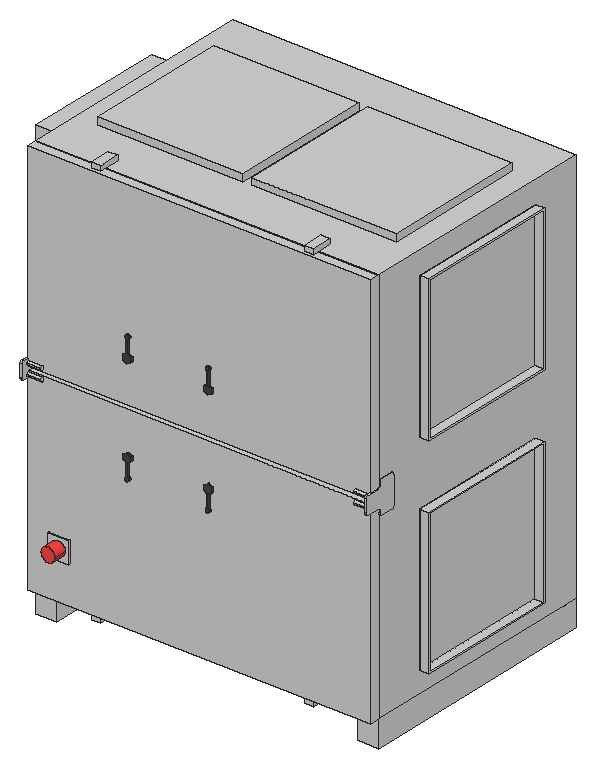
Revit family "Ventilator-RenewAire-Energy-Recovery-HE1.5XINH-Bypass", category Mechanical Equipment, Revit 2015
Parameters (values of type "1 HP 120V Single Phase")
  Voltage = "120"
  Ventilation Type = "Static Plate, Heat and Humidity Transfer"
  Upper Right Connector = yes
  Unit Width = "34-1/2\""
  Unit Weight = "365-504 lbs."
  Unit Length = "48-3/4\""
  Unit Height = "53-3/4\""
  Unit = Metal - RenewAire - Anodized - Gray Text
  URL = "www.renewaire.com"
  Typical Airflow Range = "375 - 1,575 CFM"
  Top Right Offset = if(Upper Right Connector, 1' 9 9/16", 1' 6 13/16")  # 1' - 9 9/16"
  Top Right Height = if(Upper Right Connector, 2' 8", 4' 4 3/4")  # 2' - 8"
  Top Right Connector = not(Upper Right Connector)  # no
  Top Right Angle = if(Upper Right Connector, 0.00°, 270.00°)  # 0.00°
  Standard Features = "Non-Fused Disconnect, 24VAC Transformer/Relay Package"
  Shipping Weight = "571 lbs."
  Service Area Visibility = no
  Service Area Box = Interference - RenewAire - Smooth - Light - Gold
  Revit Object Download Link = ""
  Phase = "Single"
  Options = "Qty. 2, ECM Motor (see HE1.5XINH EC Motor submittal) - 1.0 HP 120V/1Ph/60HZ, 1.0HP 208-230V/1Ph/60HZ, Integrated programmable controls, Fused disconnect, Double wall construction, Gravity backdraft dampers, Class 1 low leakage motorized isolation dampers – FA, EA or both airstreams, Qty. 2 Factory mounted filter alarms, Independent blower control, Exterior paint - white, custom colors, Bypass economizer (see bypass dimension drawing page) – dry bulb temperature controls(standard), enthalpy controls(option)"
  Optional Damper FA [instance] = yes
  Optional Damper EA [instance] = yes
  Number Motors = "Qty. 2, 1.0 HP ea., Direct drive standard motorized impeller packages"
  Model = "HE1.5XINH-Bypass"
  Minimum Circuit Amps = "14.6 A"
  Maximum Overcurrent Protection = "20 A"
  Max. Shipping Width = "47\""
  Max. Shipping Length = "70\""
  Max. Shipping Height = "53\""
  Manufacturer = "RenewAire LLC"
  Lower Right Connector = yes
  Lower Left Connector = yes
  Frequency = "60 HZ"
  FLA per Motor = "6.5"
  Description = "Energy Recovery Ventilator"
  Bottom Right Offset = if(Lower Right Connector, 1' 9 9/16", 0' 0 13/16")  # 1' - 9 9/16"
  Bottom Right Height = if(Lower Right Connector, 0' 6", 0' 3 1/4")  # 0' - 6"
  Bottom Right Connector = not(Lower Right Connector)  # no
  Bottom Right Angle = if(Lower Right Connector, 0.00°, 90.00°)  # 0.00°
  Bottom Left Offset = if(Lower Left Connector, 1' 9 9/16", 1' 6 9/16")  # 1' - 9 9/16"
  Bottom Left Height = if(Lower Left Connector, 2' 0", 0' 3")  # 2' - 0"
  Bottom Left Connector = not(Lower Left Connector)  # no
  Bottom Left Angle = if(Lower Left Connector, 180.00°, 270.00°)  # 180.00°
  Accessories = "Filters - MERV 13, 2\" (shipped loose), Backdraft Damper - OA or EA, Digital time clock - wall mount(TC7D-W),  in exterior enclosure (TC7D-E), Motion occupancy control - ceiling mount(MC-C), wall mount(MC-W), Carbon dioxide control - wall mount (CO2-W), duct mount(CO2-D), Electric duct heater – EK series (1-60 KW), Indirect gas-fired duct furnace - GH Series (50-400 MBH), installed downstream of any fans"
  AHRI 1060 Certified Core = "One L62-G5 and one L125-G5"
Types (6): name | Voltage | Service Area Visibility | Phase | Minimum Circuit Amps | Maximum Overcurrent Protection | FLA per Motor
  (no name) | "120" | no | "Single" | "14.6 A" | "20 A" | "6.5"
  1 HP 120V Single Phase | "120" | no | "Single" | "14.6 A" | "20 A" | "6.5"
  1 HP 208-230V Single Phase | "208-230" | yes | "Single" | "7.7 A" | "15 A" | "3.3-3.4"
  1 HP 277V Single Phase | "277" | yes | "Single" | "6.1 A" | "15 A" | "2.7"
  1 HP 208-230V Three Phase | "208-230" | yes | "Three" | "5.0 A" | "15 A" | "2.2-2.2"
  1 HP 460V Three Phase | "460" | yes | "Three" | "2.5 A" | "15 A" | "1.1"
Reference planes (in)
  plane 1 "Center (Front/Back)": y = 0
  plane 2: z = 0
  plane 3 "Center (Left/Right)": x = 0
  plane 4 "MinServiceArea": y = -36.0625
Forms (in)
  Extrusion 1, solid, material "Metal - RenewAire - Anodized - Gray Text" <- "Unit", visible <- "Bottom Left Connector"
    sketch origin (0, 0, 0) x (0, 1, 0) y (0, 0, 1)
      loop
        line (9.5625, 24) -> (-8.4375, 24) -> (-8.4375, 6) -> (9.5625, 6) -> (9.5625, 24)
    from -22.5625 to -21.3125
  Extrusion 2, solid, material "Metal - RenewAire - Anodized - Gray Text" <- "Unit"
    sketch origin (0, 0, 0) x (1, 0, 0) y (0, 1, 0)
      loop
        line (-21.3125, 15.9375) -> (-21.3125, -14.6875) -> (21.3125, -14.6875) -> (21.3125, 15.9375) -> (-21.3125, 15.9375)
    from 3.25 to 52.75
  Extrusion 3, solid, material "Metal - RenewAire - Anodized - Gray Text" <- "Unit"
    sketch origin (0, 0, 0) x (1, 0, 0) y (0, 0, 1)
      loop
        line (-21.3125, 3.25) -> (-21.3125, 0) -> (-18.6875, 0) -> (-18.6875, 3.25) -> (-21.3125, 3.25)
      loop
        line (21.3125, 3.25) -> (18.68674, 3.25) -> (18.68674, 0) -> (21.3125, 0) -> (21.3125, 3.25)
    from -15.9375 to 14.6875
  Extrusion 4, solid, material "Metal - RenewAire - Anodized - Gray Text" <- "Unit"
    sketch origin (0, 0, 0) x (1, 0, 0) y (0, 0, 1)
      loop
        line (-21.3125, 52.75) -> (-21.3125, 28.25) -> (21.3125, 28.25) -> (21.3125, 52.75) -> (-21.3125, 52.75)
      loop
        line (-21.3125, 27.75) -> (-21.3125, 3.25) -> (21.3125, 3.25) -> (21.3125, 27.75) -> (-21.3125, 27.75)
    from 14.6875 to 15.9375
  Extrusion 5, solid, material "Metal - RenewAire - Anodized - Gray Text" <- "Unit"
    sketch origin (0, 0, 0) x (1, 0, 0) y (0, 1, 0)
      loop
        line (-18.5625, 9.5625) -> (-18.5625, -8.4375) -> (-0.5625, -8.4375) -> (-0.5625, 9.5625) -> (-18.5625, 9.5625)
    from 52.75 to 53.625
  Extrusion 6, solid, material "Interference - RenewAire - Smooth - Light - Gold" <- "Service Area Box", visible <- "Service Area Visibility"
    sketch origin (0, 0, 0) x (0, 1, 0) y (0, 0, 1)
      loop
        line (-15.9375, 52.75) -> (-40.4375, 52.75) -> (-40.4375, 3.25) -> (-15.9375, 3.25) -> (-15.9375, 52.75)
    from -21.3125 to 21.3125
  Extrusion 7, solid, material "Metal - RenewAire - Anodized - Gray Text" <- "Unit", visible <- "Optional Damper EA"
    sketch origin (0, 0, 0) x (0, 1, 0) y (0, 0, 1)
      loop
        line (9.5625, 50) -> (-8.4375, 50) -> (-8.4375, 32) -> (9.5625, 32) -> (9.5625, 50)
      loop
        line (9.4375, 49.875) -> (-8.3125, 49.875) -> (-8.3125, 32.125) -> (9.4375, 32.125) -> (9.4375, 49.875)
    from -26.3125 to -21.3125
  Extrusion 8, solid, material "Metal - RenewAire - Anodized - Gray Text" <- "Unit"
    sketch origin (0, 0, 0) x (1, 0, 0) y (0, 0, 1)
      loop
        line (-18.6875, 10.625) -> (-18.6875, 8) -> (-16.0625, 8) -> (-16.0625, 10.625) -> (-18.6875, 10.625)
    from 15.9375 to 16.15339
  Extrusion 9, solid, material "Plastic Red"
    sketch origin (0, 0, 0) x (1, 0, 0) y (0, 0, 1)
      loop
        circle (-17.375, 9.3125) r 0.875
    from 16.15339 to 17.6875
  Extrusion 10, solid, material "Metal - RenewAire - Anodized - Gray Text" <- "Unit"
    sketch origin (0, 0, 0) x (1, 0, 0) y (0, 1, 0)
      loop
        line (-13.8125, -12.8125) -> (-13.8125, -15.4375) -> (-12.6875, -15.4375) -> (-12.6875, -12.8125) -> (-13.8125, -12.8125)
    from 52.75 to 53.375
  Extrusion 11, solid, material "Metal - RenewAire - Anodized - Gray Text" <- "Unit"
    sketch origin (26.5, 0, 0) x (1, 0, 0) y (0, 1, 0)
      loop
        line (-13.8125, -12.8125) -> (-13.8125, -15.4375) -> (-12.6875, -15.4375) -> (-12.6875, -12.8125) -> (-13.8125, -12.8125)
    from 52.75 to 53.375
  Extrusion 12, solid, material "Metal - RenewAire - Anodized - Gray Text" <- "Unit"
    sketch origin (0, 0, 0) x (1, 0, 0) y (0, 1, 0)
      loop
        line (-13.8125, -12.8125) -> (-13.8125, -15.4375) -> (-12.6875, -15.4375) -> (-12.6875, -12.8125) -> (-13.8125, -12.8125)
    from 2.375 to 3.25
  Extrusion 13, solid, material "Metal - RenewAire - Anodized - Gray Text" <- "Unit"
    sketch origin (26.5, 0, 0) x (1, 0, 0) y (0, 1, 0)
      loop
        line (-13.8125, -12.8125) -> (-13.8125, -15.4375) -> (-12.6875, -15.4375) -> (-12.6875, -12.8125) -> (-13.8125, -12.8125)
    from 2.375 to 3.25
  Extrusion 14, solid, material "Metal - RenewAire - Anodized - Gray Text" <- "Unit"
    sketch origin (0, 0, 0) x (0, 1, 0) y (0, 0, 1)
      loop
        line (-12.9375, 30) -> (-14.4375, 30)
        arc (-14.4375, 30) -> (-14.61428, 29.92678) -> (-14.6875, 29.75) r 0.25
        line (-14.6875, 29.75) -> (-14.6875, 29.3125)
        arc (-14.6875, 29.3125) -> (-14.76072, 29.13572) -> (-14.9375, 29.0625) r 0.25
        line (-14.9375, 29.0625) -> (-16.5625, 29.0625)
        arc (-16.5625, 29.0625) -> (-16.73928, 28.98928) -> (-16.8125, 28.8125) r 0.25
        line (-16.8125, 28.8125) -> (-16.8125, 27.1875)
        arc (-16.8125, 27.1875) -> (-16.73928, 27.01072) -> (-16.5625, 26.9375) r 0.25
        line (-16.5625, 26.9375) -> (-14.9375, 26.9375)
        arc (-14.9375, 26.9375) -> (-14.76072, 26.86428) -> (-14.6875, 26.6875) r 0.25
        line (-14.6875, 26.6875) -> (-14.6875, 26.25)
        arc (-14.6875, 26.25) -> (-14.61428, 26.07322) -> (-14.4375, 26) r 0.25
        line (-14.4375, 26) -> (-12.9375, 26)
        arc (-12.9375, 26) -> (-12.76072, 26.07322) -> (-12.6875, 26.25) r 0.25
        line (-12.6875, 26.25) -> (-12.6875, 29.75)
        arc (-12.6875, 29.75) -> (-12.76072, 29.92678) -> (-12.9375, 30) r 0.25
    from -21.5625 to -21.3125
  Extrusion 15, solid, material "Metal - RenewAire - Anodized - Gray Text" <- "Unit"
    sketch origin (0, 0, 0) x (0, 1, 0) y (0, 0, 1)
      loop
        line (-12.9375, 30) -> (-14.4375, 30)
        arc (-14.4375, 30) -> (-14.61428, 29.92678) -> (-14.6875, 29.75) r 0.25
        line (-14.6875, 29.75) -> (-14.6875, 29.3125)
        arc (-14.6875, 29.3125) -> (-14.76072, 29.13572) -> (-14.9375, 29.0625) r 0.25
        line (-14.9375, 29.0625) -> (-16.5625, 29.0625)
        arc (-16.5625, 29.0625) -> (-16.73928, 28.98928) -> (-16.8125, 28.8125) r 0.25
        line (-16.8125, 28.8125) -> (-16.8125, 27.1875)
        arc (-16.8125, 27.1875) -> (-16.73928, 27.01072) -> (-16.5625, 26.9375) r 0.25
        line (-16.5625, 26.9375) -> (-14.9375, 26.9375)
        arc (-14.9375, 26.9375) -> (-14.76072, 26.86428) -> (-14.6875, 26.6875) r 0.25
        line (-14.6875, 26.6875) -> (-14.6875, 26.25)
        arc (-14.6875, 26.25) -> (-14.61428, 26.07322) -> (-14.4375, 26) r 0.25
        line (-14.4375, 26) -> (-12.9375, 26)
        arc (-12.9375, 26) -> (-12.76072, 26.07322) -> (-12.6875, 26.25) r 0.25
        line (-12.6875, 26.25) -> (-12.6875, 29.75)
        arc (-12.6875, 29.75) -> (-12.76072, 29.92678) -> (-12.9375, 30) r 0.25
    from 21.3125 to 21.5625
  Extrusion 16, solid, material "Metal - RenewAire - Anodized - Gray Text" <- "Unit"
    sketch origin (0, 0, 0) x (0, 1, 0) y (0, 0, 1)
      loop
        circle (-15.9375, 28.625) r 0.25
      loop
        circle (-15.9375, 27.375) r 0.25
    from -21.3125 to -19.5
  Extrusion 17, solid, material "Metal - RenewAire - Anodized - Gray Text" <- "Unit"
    sketch origin (0, 0, 0) x (0, 1, 0) y (0, 0, 1)
      loop
        circle (-15.9375, 28.625) r 0.25
      loop
        circle (-15.9375, 27.375) r 0.25
    from 19.5 to 21.3125
  Extrusion 18, solid, material "MonitorPorts"
    sketch origin (0.62847, 0, -1.60669) x (1, 0, 0) y (0, 0, 1)
      loop
        line (-9.53348, 35.65895) -> (-9.94097, 35.42369) -> (-9.94097, 34.83769) -> (-9.43348, 34.54469) -> (-8.92599, 34.83769) -> (-8.92599, 35.42369) -> (-9.33348, 35.65895) -> (-9.33348, 37.28756)
        arc (-9.33348, 37.28756) -> (-9.43348, 37.76669) -> (-9.53348, 37.28756) r 0.25
        line (-9.53348, 37.28756) -> (-9.53348, 35.65895)
    from 15.9375 to 16.15339
  Extrusion 19, solid, material "MonitorPorts"
    sketch origin (10.62847, 0, -1.60669) x (1, 0, 0) y (0, 0, 1)
      loop
        line (-9.53348, 35.65895) -> (-9.94097, 35.42369) -> (-9.94097, 34.83769) -> (-9.43348, 34.54469) -> (-8.92599, 34.83769) -> (-8.92599, 35.42369) -> (-9.33348, 35.65895) -> (-9.33348, 37.28756)
        arc (-9.33348, 37.28756) -> (-9.43348, 37.76669) -> (-9.53348, 37.28756) r 0.25
        line (-9.53348, 37.28756) -> (-9.53348, 35.65895)
    from 15.9375 to 16.15339
  Extrusion 20, solid, material "MonitorPorts"
    sketch origin (-8.23849, 0, 57.60458) x (-1, 0, 0) y (0, 0, -1)
      loop
        line (-9.53348, 35.65895) -> (-9.94097, 35.42369) -> (-9.94097, 34.83769) -> (-9.43348, 34.54469) -> (-8.92599, 34.83769) -> (-8.92599, 35.42369) -> (-9.33348, 35.65895) -> (-9.33348, 37.28756)
        arc (-9.33348, 37.28756) -> (-9.43348, 37.76669) -> (-9.53348, 37.28756) r 0.25
        line (-9.53348, 37.28756) -> (-9.53348, 35.65895)
    from 15.9375 to 16.15339
  Extrusion 21, solid, material "MonitorPorts"
    sketch origin (-18.23849, 0, 57.60458) x (-1, 0, 0) y (0, 0, -1)
      loop
        line (-9.53348, 35.65895) -> (-9.94097, 35.42369) -> (-9.94097, 34.83769) -> (-9.43348, 34.54469) -> (-8.92599, 34.83769) -> (-8.92599, 35.42369) -> (-9.33348, 35.65895) -> (-9.33348, 37.28756)
        arc (-9.33348, 37.28756) -> (-9.43348, 37.76669) -> (-9.53348, 37.28756) r 0.25
        line (-9.53348, 37.28756) -> (-9.53348, 35.65895)
    from 15.9375 to 16.15339
  Extrusion 22, solid, material "Metal - RenewAire - Anodized - Gray Text" <- "Unit", visible <- "Upper Right Connector"
    sketch origin (19.125, 0, 0) x (1, 0, 0) y (0, 1, 0)
      loop
        line (-18.5625, 9.5625) -> (-18.5625, -8.4375) -> (-0.5625, -8.4375) -> (-0.5625, 9.5625) -> (-18.5625, 9.5625)
    from 52.75 to 53.625
  Extrusion 23, solid, material "Metal - RenewAire - Anodized - Gray Text" <- "Unit", visible <- "Top Right Connector"
    sketch origin (0, 0, 0) x (0, 1, 0) y (0, 0, 1)
      loop
        line (9.5625, 50) -> (-8.4375, 50) -> (-8.4375, 32) -> (9.5625, 32) -> (9.5625, 50)
    from 21.3125 to 22.5625
  Extrusion 24, solid, material "Metal - RenewAire - Anodized - Gray Text" <- "Unit", visible <- "Lower Left Connector"
    sketch origin (0, 0, 0) x (1, 0, 0) y (0, 1, 0)
      loop
        line (-18.5625, 9.5625) -> (-18.5625, -8.4375) -> (-0.5625, -8.4375) -> (-0.5625, 9.5625) -> (-18.5625, 9.5625)
    from 2.25 to 3.25
  Extrusion 25, solid, material "Metal - RenewAire - Anodized - Gray Text" <- "Unit", visible <- "Lower Right Connector"
    sketch origin (19.125, 0, 0) x (1, 0, 0) y (0, 1, 0)
      loop
        line (-18.5625, 9.5625) -> (-18.5625, -8.4375) -> (-0.5625, -8.4375) -> (-0.5625, 9.5625) -> (-18.5625, 9.5625)
    from 2.25 to 3.25
  Extrusion 26, solid, material "Metal - RenewAire - Anodized - Gray Text" <- "Unit", visible <- "Bottom Right Connector"
    sketch origin (0, 0, 0) x (0, 1, 0) y (0, 0, 1)
      loop
        line (9.5625, 24) -> (-8.4375, 24) -> (-8.4375, 6) -> (9.5625, 6) -> (9.5625, 24)
    from 21.3125 to 22.5625
  Extrusion 27, solid, material "Metal - RenewAire - Anodized - Gray Text" <- "Unit", visible <- "Optional Damper FA"
    sketch origin (0, 0, -26) x (0, 1, 0) y (0, 0, 1)
      loop
        line (9.5625, 50) -> (-8.4375, 50) -> (-8.4375, 32) -> (9.5625, 32) -> (9.5625, 50)
      loop
        line (9.4375, 49.875) -> (-8.3125, 49.875) -> (-8.3125, 32.125) -> (9.4375, 32.125) -> (9.4375, 49.875)
    from -26.3125 to -21.3125
  Extrusion 28, solid, material "Metal - RenewAire - Anodized - Gray Text" <- "Unit", visible <- "Bottom Left Connector"
    sketch origin (31.4375, 0, 24.5625) x (0, 1, 0) y (-1, 0, 0)
      loop
        line (9.5625, 50) -> (-8.4375, 50) -> (-8.4375, 32) -> (9.5625, 32) -> (9.5625, 50)
      loop
        line (9.4375, 49.875) -> (-8.3125, 49.875) -> (-8.3125, 32.125) -> (9.4375, 32.125) -> (9.4375, 49.875)
    from -22.5625 to -21.3125
  Extrusion 29, solid, material "Metal - RenewAire - Anodized - Gray Text" <- "Unit", visible <- "Bottom Right Connector"
    sketch origin (50.5625, 0, 24.5625) x (0, 1, 0) y (-1, 0, 0)
      loop
        line (9.5625, 50) -> (-8.4375, 50) -> (-8.4375, 32) -> (9.5625, 32) -> (9.5625, 50)
      loop
        line (9.4375, 49.875) -> (-8.3125, 49.875) -> (-8.3125, 32.125) -> (9.4375, 32.125) -> (9.4375, 49.875)
    from -22.5625 to -21.3125
  Extrusion 30, solid, material "Metal - RenewAire - Anodized - Gray Text" <- "Unit", visible <- "Lower Right Connector"
    sketch origin (0, 0, -26) x (0, 1, 0) y (0, 0, 1)
      loop
        line (9.5625, 50) -> (-8.4375, 50) -> (-8.4375, 32) -> (9.5625, 32) -> (9.5625, 50)
      loop
        line (9.4375, 49.875) -> (-8.3125, 49.875) -> (-8.3125, 32.125) -> (9.4375, 32.125) -> (9.4375, 49.875)
    from 21.3125 to 22.5625
  Extrusion 31, solid, material "Metal - RenewAire - Anodized - Gray Text" <- "Unit", visible <- "Upper Right Connector"
    sketch origin (0, 0, 0) x (0, 1, 0) y (0, 0, 1)
      loop
        line (9.5625, 50) -> (-8.4375, 50) -> (-8.4375, 32) -> (9.5625, 32) -> (9.5625, 50)
      loop
        line (9.4375, 49.875) -> (-8.3125, 49.875) -> (-8.3125, 32.125) -> (9.4375, 32.125) -> (9.4375, 49.875)
    from 21.3125 to 22.5625
  Extrusion 32, solid, material "Metal - RenewAire - Anodized - Gray Text" <- "Unit", visible <- "Top Right Connector"
    sketch origin (50.5625, 0, 19.0625) x (0, 1, 0) y (-1, 0, 0)
      loop
        line (9.5625, 50) -> (-8.4375, 50) -> (-8.4375, 32) -> (9.5625, 32) -> (9.5625, 50)
      loop
        line (9.4375, 49.875) -> (-8.3125, 49.875) -> (-8.3125, 32.125) -> (9.4375, 32.125) -> (9.4375, 49.875)
    from 33.6875 to 34.5625
  Extrusion 33, solid, material "Metal - RenewAire - Anodized - Gray Text" <- "Unit"
    sketch origin (0, 0, 0) x (1, 0, 0) y (0, 0, 1)
      loop
        circle (7.4375, 10.625) r 6
      loop
        circle (7.4375, 10.625) r 5.75
    from -20.9375 to -15.9375
  Extrusion 34, solid, material "Metal - RenewAire - Anodized - Gray Text" <- "Unit"
    sketch origin (0, 0, 0) x (0, 1, 0) y (0, 0, 1)
      loop
        line (9.5625, 50) -> (-8.4375, 50) -> (-8.4375, 32) -> (9.5625, 32) -> (9.5625, 50)
      loop
        line (9.4375, 49.875) -> (-8.3125, 49.875) -> (-8.3125, 32.125) -> (9.4375, 32.125) -> (9.4375, 49.875)
    from -22.5625 to -21.3125
Dimensions and locks (in)
  aligned and locked: level to plane 2
  aligned and locked: Extrusion 7 to Extrusion 27
Nested families (in)
  nested 1: "Connector" at (0, 0.5625, 0), type "Lower Left"
    with Offset 1' - 9 9/16", Base Height 2' - 0", A 180.00°
  nested 2: "Connector" at (-0.25, 0.5625, 0) x (-1, 0, 0) z (0, 0, 1), type "Lower Right"
    with Offset 1' - 9 9/16"
  nested 3: "Connector" at (-0.25, 0.5625, 0) x (-1, 0, 0) z (0, 0, 1), type "Upper Right"
    with Offset 1' - 9 9/16", Base Height 2' - 8"
  nested 4: "Connector" at (0, 0.5625, 0), type "Standard"
Connectors (in)
  hvac at (21.3125, 0.5625, 41)
    settings: on nested 3, index 1, duct flow 0 CFM, flow factor 0, pres drop 0.00 in-wg, loss coef 0, conn angle 0.00°, conn width 18", conn height 18", conn diameter 24", duct sys type 1, conn prof type 1, flow config 0, flow direction 1, loss method 0, conn ref index -1, conn util no, is conn primary yes, conn desc "OA (Outside Air)"
  hvac at (21.3125, 0.5625, 15)
    settings: on nested 2, index 2, duct flow 0 CFM, flow factor 0, pres drop 0.00 in-wg, loss coef 0, conn angle 0.00°, conn width 18", conn height 18", conn diameter 24", duct sys type 2, conn prof type 1, flow config 0, flow direction 1, loss method 0, conn ref index -1, conn util no, is conn primary no, conn desc "RA (Return Air)"
  hvac at (-21.3125, 0.5625, 15)
    settings: on nested 1, index 3, duct flow 0 CFM, flow factor 0, pres drop 0.00 in-wg, loss coef 0, conn angle 0.00°, conn width 18", conn height 18", conn diameter 24", duct sys type 1, conn prof type 1, flow config 0, flow direction 2, loss method 0, conn ref index -1, conn util no, is conn primary no, conn desc "FA (Fresh Air)"
  hvac at (-21.3125, 0.5625, 41)
    settings: on Extrusion 7, index 4, duct flow 0 CFM, flow factor 0, pres drop 0.00 in-wg, loss coef 0, conn angle 0.00°, conn width 18", conn height 18", conn diameter 24", duct sys type 3, conn prof type 1, flow config 0, flow direction 2, loss method 0, conn ref index -1, conn util no, is conn primary no, conn desc "EA (Exhaust Air)"
  hvac at (7.4375, 15.9375, 10.625)
    settings: on Extrusion 33, index 5, duct flow 0 CFM, flow factor 0, pres drop 0.00 in-wg, loss coef 0, conn angle 0.00°, conn width 12", conn height 12", conn diameter 12", duct sys type 3, conn prof type 0, flow config 0, flow direction 2, loss method 0, conn ref index -1, conn util no, is conn primary no, conn desc "BP (Bypass Air)"
Definition of nested family "Connector"
  Parameters
    Width = 1' - 6"
    Unit = none
    Offset = 0' - 0"
    Height = 1' - 6"
    Base Height = 0' - 6"
    A = 0.00°
  Reference planes (in)
    plane 1 "Center (Front/Back)": y = 0
    plane 2: z = 0
    plane 3 "Center (Left/Right)": x = 0
  Forms (in)
    Extrusion 1, solid, material <- "Unit"
      sketch origin (0, 0, 24) x (0, 0, -1) y (1, 0, 0)
        loop
          line (0, 0) -> (0, -0.25) -> (18, -0.25) -> (18, 0) -> (0, 0)
      from -9 to 9
  Lines and regions (in)
    reference lines
      curve 1: line (0, 0, 24) -> (0, 0, 6)
  Dimensions and locks (in)
    "Base Height": curve 1 to plane 2
    "Height": curve 1 to curve 1
    locked: curve 1 to Extrusion 1 sketch curve at 0.25
    equal spacing: Extrusion 1, curve 1, Extrusion 1
    "Width": Extrusion 1 to Extrusion 1
    "Offset": plane 3 "Center (Left/Right)" to curve 1
    "A": angle plane 3 "Center (Left/Right)" to curve 1
    aligned and locked: plane 2 to level
    aligned and locked: Extrusion 1 sketch curve to curve 1  (x3)
